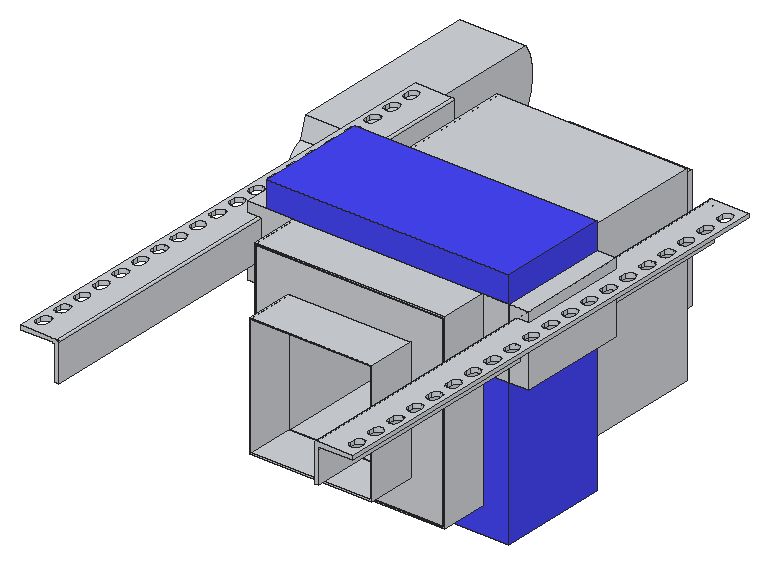
Revit family "D2530 BIM001 D - Rectangular Horizontal Blades Actuator Horizontal AFS", category Duct Accessories, Revit 2020
Family settings
  Round Connector Dimension = Use Diameter
  Part Type = Attaches To
  OmniClass Number = 23.75.00.00
  OmniClass Title = Climate Control (HVAC)
  Work Plane-Based = No
  Always vertical = Yes
  Cut with Voids When Loaded = No
  Shared = No
Parameters
  Y [instance] = if(Nominal D Height > 1000 mm, 0 mm, if(Nominal D Height < 175 mm, 196 mm, if(Nominal D Height < 200 mm, Nominal D Height + 21 mm, if(Nominal D Width < 200 mm, Nominal D Height + 21 mm, Nominal D Height - 4 mm))))  # 196 mm
  X [instance] = if(Nominal D Width > 1000 mm, 0 mm, if(Nominal D Width < 175 mm, 196 mm, if(Nominal D Width < 200 mm, Nominal D Width + 21 mm, if(Nominal D Height < 200 mm, Nominal D Width + 21 mm, Nominal D Width - 4 mm))))  # 196 mm
  Start [instance] = ((Nominal D Height - 6.4 mm) - (125 * (Blades - 1 mm))) / 2  # 61.8 mm
  Standard [instance] = yes
  Spigot Y [instance] = if(Nominal D Height < 100 mm, -150000 mm, Nominal D Height - 4 mm)  # 126 mm
  Spigot X [instance] = if(Nominal D Width < 100 mm, -150000 mm, Nominal D Width - 4 mm)  # 126 mm
  Spigot Reducer [instance] = or(Nominal D Width < 200 mm, Nominal D Height < 200 mm)  # yes
  Set Rod H [instance] = Drive + 48 mm  # 105 mm
  Set Rod [instance] = if(and(Left Hand, Nominal D Width < 200 mm), 318 mm, if(Left Hand, Nominal D Width + 118 mm, if(Right Hand, 47 mm, 130 mm)))  # 318 mm
  S Y R [instance] = Y - 4 mm  # 192 mm
  S X R [instance] = X - 4 mm  # 192 mm
  Right Hand [instance] = no
  Nominal D Width [instance] = 130 mm
  Nominal D Height [instance] = 130 mm
  Left Hand [instance] = not(Right Hand)  # yes
  Drv Blade [instance] = if(Blades > 7 mm, 5 mm, if(Blades > 6 mm, 4 mm, if(Blades > 5 mm, 3 mm, if(Blades > 4 mm, 2 mm, if(Blades > 3 mm, 3 mm, if(Blades > 2 mm, 2 mm, 1 mm))))))  # 1 mm
  Drive [instance] = if(Nominal D Height > 265 mm, (Start + (125 * (Drv Blade - 1 mm))) - 21.3 mm, 57 mm)  # 57 mm
  Dim2 [instance] = if(Nominal D Height > 265 mm, 75 mm, if(Nominal D Height > 256 mm, 150 mm, if(Nominal D Height > 231 mm, 125 mm, if(Nominal D Height > 206 mm, 100 mm, if(Nominal D Height > 199 mm, 75 mm, 50 mm)))))  # 50 mm
  Dim [instance] = if(Standard, Dim2, if([225 Access Door Case Option], Dim2, Dim2 - 25 mm))  # 50 mm
  Default Elevation = 0 mm
  Case Option [instance] = if(Standard, 150 mm, if([250 Case Option], 250 mm, if([225 Access Door Case Option], 225 mm, if([125 Case Option], 125 mm, -1500000 mm))))  # 150 mm
  Blades [instance] = if(Nominal D Height > 960 mm, 8 mm, if(Nominal D Height > 835 mm, 7 mm, if(Nominal D Height > 710 mm, 6 mm, if(Nominal D Height > 585 mm, 5 mm, if(Nominal D Height > 460 mm, 4 mm, if(Nominal D Height > 335 mm, 3 mm, if(Nominal D Height > 265 mm, 2 mm, 1 mm)))))))  # 1 mm
  Actuator [instance] = if(Right Hand, 0 mm, if(Left Hand, 148 mm, 40 mm))  # 148 mm
  AFS Rail Set [instance] = if(AFS Rail > 510 mm, -30000 mm, if(AFS Rail < 113 mm, -300000 mm, AFS Rail))  # 250 mm
  AFS Rail [instance] = 250 mm
  250 Case Option [instance] = no
  225 Access Door Case Option [instance] = no
  125 Case Option [instance] = no
Reference planes
  plane 1 "Center (Front/Back)": y = 0
  plane 2: z = 0
  plane 3 "Center (Left/Right)": x = 0
  plane 4: x = -98
  plane 5: x = 98
  plane 6: y = 58.689
  plane 7: y = 33.689
  plane 8: y = 8.689
  plane 9: y = -16.311
  plane 10: y = -41.311
  plane 11: y = -66.311
  plane 12: y = -91.311
  plane 13: y = -116.311
  plane 14: y = -141.311
  plane 15: y = -166.311
  plane 16: y = -191.311
  plane 17: y = -216.311
  plane 18: y = -241.311
  plane 19: y = -266.311
  plane 20: y = -291.311
  plane 21: y = -316.311
  plane 22: y = -341.311
  plane 23: y = -366.311
  plane 24: y = -391.311
  plane 25: y = -416.311
  plane 26: y = 58.689
  plane 27: y = 33.689
  plane 28: y = 8.689
  plane 29: y = -16.311
  plane 30: y = -41.311
  plane 31: y = -66.311
  plane 32: y = -91.311
  plane 33: y = -116.311
  plane 34: y = -141.311
  plane 35: y = -166.311
  plane 36: y = -191.311
  plane 37: y = -216.311
  plane 38: y = -241.311
  plane 39: y = -266.311
  plane 40: y = -291.311
  plane 41: y = -316.311
  plane 42: y = -341.311
  plane 43: y = -366.311
  plane 44: y = -391.311
  plane 45: y = -416.311
  plane 46: z = 96
  plane 47: z = -96
  plane 48: x = -96
  plane 49: x = 96
  plane 50: z = 63
  plane 51: z = -63
  plane 52: x = 63
  plane 53: x = -63
Forms (mm)
  Extrusion 1, solid
    sketch origin (0, 0, 0) x (1, 0, 0) y (0, 0, 1)
      loop
        line (-98, 98) -> (-98, -98) -> (98, -98) -> (98, 98) -> (-98, 98)
      loop
        line (-97, 97) -> (-97, -97) -> (97, -97) -> (97, 97) -> (-97, 97)
    from -91.689 to 221.311
  Extrusion 2, solid
    sketch origin (163.749, 0, 171.325) x (1, 0, 0) y (0, 0, 1)
      loop
        line (-308.749, -73.325) -> (-308.749, -146.325) -> (-261.749, -146.325) -> (-261.749, -73.325) -> (-308.749, -73.325)
    from 58.311 to 171.311
  Extrusion 3, solid
    sketch origin (1163.749, 0, 171.325) x (1, 0, 0) y (0, 0, 1)
      loop
        line (-1065.749, -73.325) -> (-1065.749, -146.325) -> (-1018.749, -146.325) -> (-1018.749, -73.325) -> (-1065.749, -73.325)
    from 58.311 to 171.311
  Extrusion 4, solid, material "Default"
    sketch origin (0, 0, 0) x (1, 0, 0) y (0, 0, 1)
      loop
        line (-98, 98) -> (-98, -98) -> (98, -98) -> (98, 98) -> (-98, 98)
      loop
        line (-125, 125) -> (-125, -125) -> (125, -125) -> (125, 125) -> (-125, 125)
    from 58.311 to 171.311
  Extrusion 5, solid
    sketch origin (0, 0, 0) x (0, 1, 0) y (0, 0, 1)
      loop
        circle (16.689, 7) r 10
    from -173 to -93
  Extrusion 6, solid
    sketch origin (29.063, 0, -5.781) x (1, 0, 0) y (0, 0, 1)
      loop
        line (-201.019, 93.823) -> (-201.019, 89.826) -> (-167.656, 89.826)
        arc (-167.656, 89.826) -> (-165.808, 89.06) -> (-165.043, 87.213) r 2.613
        line (-165.043, 87.213) -> (-165.043, 53.823) -> (-161.019, 53.823) -> (-161.019, 91.63)
        arc (-161.019, 91.63) -> (-161.607, 93.127) -> (-163.056, 93.823) r 2.199
        line (-163.056, 93.823) -> (-201.019, 93.823)
    from -78.689 to 431.311
  Extrusion 7, solid
    sketch origin (-29.063, 0, -5.781) x (-1, 0, 0) y (0, 0, -1)
      loop
        line (-201.019, -93.823) -> (-163.056, -93.823)
        arc (-163.056, -93.823) -> (-161.607, -93.127) -> (-161.019, -91.63) r 2.199
        line (-161.019, -91.63) -> (-161.019, -53.823) -> (-165.043, -53.823) -> (-165.043, -87.213)
        arc (-165.043, -87.213) -> (-165.808, -89.06) -> (-167.656, -89.826) r 2.613
        line (-167.656, -89.826) -> (-201.019, -89.826) -> (-201.019, -93.823)
    from -78.689 to 431.311
  Extrusion 8, void
    sketch origin (0, 0, 0) x (1, 0, 0) y (0, 1, 0)
      loop
        line (167.456, 58.689) -> (167.456, 63.689)
        arc (167.456, 63.689) -> (161.956, 69.189) -> (156.456, 63.689) r 5.5
        line (156.456, 63.689) -> (156.456, 58.689)
        arc (156.456, 58.689) -> (161.956, 53.189) -> (167.456, 58.689) r 5.5
    from 84.044 to 88.042
  Extrusion 9, void
    sketch origin (0, -25, 0) x (1, 0, 0) y (0, 1, 0)
      loop
        line (167.456, 58.689) -> (167.456, 63.689)
        arc (167.456, 63.689) -> (161.956, 69.189) -> (156.456, 63.689) r 5.5
        line (156.456, 63.689) -> (156.456, 58.689)
        arc (156.456, 58.689) -> (161.956, 53.189) -> (167.456, 58.689) r 5.5
    from 84.044 to 88.042
  Extrusion 10, void
    sketch origin (0, -50, 0) x (1, 0, 0) y (0, 1, 0)
      loop
        line (167.456, 58.689) -> (167.456, 63.689)
        arc (167.456, 63.689) -> (161.956, 69.189) -> (156.456, 63.689) r 5.5
        line (156.456, 63.689) -> (156.456, 58.689)
        arc (156.456, 58.689) -> (161.956, 53.189) -> (167.456, 58.689) r 5.5
    from 84.044 to 88.042
  Extrusion 11, void
    sketch origin (0, -75, 0) x (1, 0, 0) y (0, 1, 0)
      loop
        line (167.456, 58.689) -> (167.456, 63.689)
        arc (167.456, 63.689) -> (161.956, 69.189) -> (156.456, 63.689) r 5.5
        line (156.456, 63.689) -> (156.456, 58.689)
        arc (156.456, 58.689) -> (161.956, 53.189) -> (167.456, 58.689) r 5.5
    from 84.044 to 88.042
  Extrusion 12, void
    sketch origin (0, -100, 0) x (1, 0, 0) y (0, 1, 0)
      loop
        line (167.456, 58.689) -> (167.456, 63.689)
        arc (167.456, 63.689) -> (161.956, 69.189) -> (156.456, 63.689) r 5.5
        line (156.456, 63.689) -> (156.456, 58.689)
        arc (156.456, 58.689) -> (161.956, 53.189) -> (167.456, 58.689) r 5.5
    from 84.044 to 88.042
  Extrusion 13, void
    sketch origin (0, -125, 0) x (1, 0, 0) y (0, 1, 0)
      loop
        line (167.456, 58.689) -> (167.456, 63.689)
        arc (167.456, 63.689) -> (161.956, 69.189) -> (156.456, 63.689) r 5.5
        line (156.456, 63.689) -> (156.456, 58.689)
        arc (156.456, 58.689) -> (161.956, 53.189) -> (167.456, 58.689) r 5.5
    from 84.044 to 88.042
  Extrusion 14, void
    sketch origin (0, -150, 0) x (1, 0, 0) y (0, 1, 0)
      loop
        line (167.456, 58.689) -> (167.456, 63.689)
        arc (167.456, 63.689) -> (161.956, 69.189) -> (156.456, 63.689) r 5.5
        line (156.456, 63.689) -> (156.456, 58.689)
        arc (156.456, 58.689) -> (161.956, 53.189) -> (167.456, 58.689) r 5.5
    from 84.044 to 88.042
  Extrusion 15, void
    sketch origin (0, -175, 0) x (1, 0, 0) y (0, 1, 0)
      loop
        line (167.456, 58.689) -> (167.456, 63.689)
        arc (167.456, 63.689) -> (161.956, 69.189) -> (156.456, 63.689) r 5.5
        line (156.456, 63.689) -> (156.456, 58.689)
        arc (156.456, 58.689) -> (161.956, 53.189) -> (167.456, 58.689) r 5.5
    from 84.044 to 88.042
  Extrusion 16, void
    sketch origin (0, -200, 0) x (1, 0, 0) y (0, 1, 0)
      loop
        line (167.456, 58.689) -> (167.456, 63.689)
        arc (167.456, 63.689) -> (161.956, 69.189) -> (156.456, 63.689) r 5.5
        line (156.456, 63.689) -> (156.456, 58.689)
        arc (156.456, 58.689) -> (161.956, 53.189) -> (167.456, 58.689) r 5.5
    from 84.044 to 88.042
  Extrusion 17, void
    sketch origin (0, -225, 0) x (1, 0, 0) y (0, 1, 0)
      loop
        line (167.456, 58.689) -> (167.456, 63.689)
        arc (167.456, 63.689) -> (161.956, 69.189) -> (156.456, 63.689) r 5.5
        line (156.456, 63.689) -> (156.456, 58.689)
        arc (156.456, 58.689) -> (161.956, 53.189) -> (167.456, 58.689) r 5.5
    from 84.044 to 88.042
  Extrusion 18, void
    sketch origin (0, -250, 0) x (1, 0, 0) y (0, 1, 0)
      loop
        line (167.456, 58.689) -> (167.456, 63.689)
        arc (167.456, 63.689) -> (161.956, 69.189) -> (156.456, 63.689) r 5.5
        line (156.456, 63.689) -> (156.456, 58.689)
        arc (156.456, 58.689) -> (161.956, 53.189) -> (167.456, 58.689) r 5.5
    from 84.044 to 88.042
  Extrusion 19, void
    sketch origin (0, -275, 0) x (1, 0, 0) y (0, 1, 0)
      loop
        line (167.456, 58.689) -> (167.456, 63.689)
        arc (167.456, 63.689) -> (161.956, 69.189) -> (156.456, 63.689) r 5.5
        line (156.456, 63.689) -> (156.456, 58.689)
        arc (156.456, 58.689) -> (161.956, 53.189) -> (167.456, 58.689) r 5.5
    from 84.044 to 88.042
  Extrusion 20, void
    sketch origin (0, -300, 0) x (1, 0, 0) y (0, 1, 0)
      loop
        line (167.456, 58.689) -> (167.456, 63.689)
        arc (167.456, 63.689) -> (161.956, 69.189) -> (156.456, 63.689) r 5.5
        line (156.456, 63.689) -> (156.456, 58.689)
        arc (156.456, 58.689) -> (161.956, 53.189) -> (167.456, 58.689) r 5.5
    from 84.044 to 88.042
  Extrusion 21, void
    sketch origin (0, -325, 0) x (1, 0, 0) y (0, 1, 0)
      loop
        line (167.456, 58.689) -> (167.456, 63.689)
        arc (167.456, 63.689) -> (161.956, 69.189) -> (156.456, 63.689) r 5.5
        line (156.456, 63.689) -> (156.456, 58.689)
        arc (156.456, 58.689) -> (161.956, 53.189) -> (167.456, 58.689) r 5.5
    from 84.044 to 88.042
  Extrusion 22, void
    sketch origin (0, -350, 0) x (1, 0, 0) y (0, 1, 0)
      loop
        line (167.456, 58.689) -> (167.456, 63.689)
        arc (167.456, 63.689) -> (161.956, 69.189) -> (156.456, 63.689) r 5.5
        line (156.456, 63.689) -> (156.456, 58.689)
        arc (156.456, 58.689) -> (161.956, 53.189) -> (167.456, 58.689) r 5.5
    from 84.044 to 88.042
  Extrusion 23, void
    sketch origin (0, -375, 0) x (1, 0, 0) y (0, 1, 0)
      loop
        line (167.456, 58.689) -> (167.456, 63.689)
        arc (167.456, 63.689) -> (161.956, 69.189) -> (156.456, 63.689) r 5.5
        line (156.456, 63.689) -> (156.456, 58.689)
        arc (156.456, 58.689) -> (161.956, 53.189) -> (167.456, 58.689) r 5.5
    from 84.044 to 88.042
  Extrusion 24, void
    sketch origin (0, -400, 0) x (1, 0, 0) y (0, 1, 0)
      loop
        line (167.456, 58.689) -> (167.456, 63.689)
        arc (167.456, 63.689) -> (161.956, 69.189) -> (156.456, 63.689) r 5.5
        line (156.456, 63.689) -> (156.456, 58.689)
        arc (156.456, 58.689) -> (161.956, 53.189) -> (167.456, 58.689) r 5.5
    from 84.044 to 88.042
  Extrusion 25, void
    sketch origin (0, -425, 0) x (1, 0, 0) y (0, 1, 0)
      loop
        line (167.456, 58.689) -> (167.456, 63.689)
        arc (167.456, 63.689) -> (161.956, 69.189) -> (156.456, 63.689) r 5.5
        line (156.456, 63.689) -> (156.456, 58.689)
        arc (156.456, 58.689) -> (161.956, 53.189) -> (167.456, 58.689) r 5.5
    from 84.044 to 88.042
  Extrusion 26, void
    sketch origin (0, -450, 0) x (1, 0, 0) y (0, 1, 0)
      loop
        line (167.456, 58.689) -> (167.456, 63.689)
        arc (167.456, 63.689) -> (161.956, 69.189) -> (156.456, 63.689) r 5.5
        line (156.456, 63.689) -> (156.456, 58.689)
        arc (156.456, 58.689) -> (161.956, 53.189) -> (167.456, 58.689) r 5.5
    from 84.044 to 88.042
  Extrusion 27, void
    sketch origin (0, -475, 0) x (1, 0, 0) y (0, 1, 0)
      loop
        line (167.456, 58.689) -> (167.456, 63.689)
        arc (167.456, 63.689) -> (161.956, 69.189) -> (156.456, 63.689) r 5.5
        line (156.456, 63.689) -> (156.456, 58.689)
        arc (156.456, 58.689) -> (161.956, 53.189) -> (167.456, 58.689) r 5.5
    from 84.044 to 88.042
  Extrusion 28, void
    sketch origin (0, 0, 0) x (1, 0, 0) y (0, 1, 0)
      loop
        arc (-167.503, 58.689) -> (-161.956, 53.142) -> (-156.409, 58.689) r 5.547
        line (-156.409, 58.689) -> (-156.409, 63.689)
        arc (-156.409, 63.689) -> (-161.956, 69.236) -> (-167.503, 63.689) r 5.547
        line (-167.503, 63.689) -> (-167.503, 58.689)
    from 84.044 to 88.042
  Extrusion 29, void
    sketch origin (0, -25, 0) x (1, 0, 0) y (0, 1, 0)
      loop
        arc (-167.503, 58.689) -> (-161.956, 53.142) -> (-156.409, 58.689) r 5.547
        line (-156.409, 58.689) -> (-156.409, 63.689)
        arc (-156.409, 63.689) -> (-161.956, 69.236) -> (-167.503, 63.689) r 5.547
        line (-167.503, 63.689) -> (-167.503, 58.689)
    from 84.044 to 88.042
  Extrusion 30, void
    sketch origin (0, -50, 0) x (1, 0, 0) y (0, 1, 0)
      loop
        arc (-167.503, 58.689) -> (-161.956, 53.142) -> (-156.409, 58.689) r 5.547
        line (-156.409, 58.689) -> (-156.409, 63.689)
        arc (-156.409, 63.689) -> (-161.956, 69.236) -> (-167.503, 63.689) r 5.547
        line (-167.503, 63.689) -> (-167.503, 58.689)
    from 84.044 to 88.042
  Extrusion 31, void
    sketch origin (0, -75, 0) x (1, 0, 0) y (0, 1, 0)
      loop
        arc (-167.503, 58.689) -> (-161.956, 53.142) -> (-156.409, 58.689) r 5.547
        line (-156.409, 58.689) -> (-156.409, 63.689)
        arc (-156.409, 63.689) -> (-161.956, 69.236) -> (-167.503, 63.689) r 5.547
        line (-167.503, 63.689) -> (-167.503, 58.689)
    from 84.044 to 88.042
  Extrusion 32, void
    sketch origin (0, -100, 0) x (1, 0, 0) y (0, 1, 0)
      loop
        arc (-167.503, 58.689) -> (-161.956, 53.142) -> (-156.409, 58.689) r 5.547
        line (-156.409, 58.689) -> (-156.409, 63.689)
        arc (-156.409, 63.689) -> (-161.956, 69.236) -> (-167.503, 63.689) r 5.547
        line (-167.503, 63.689) -> (-167.503, 58.689)
    from 84.044 to 88.042
  Extrusion 33, void
    sketch origin (0, -125, 0) x (1, 0, 0) y (0, 1, 0)
      loop
        arc (-167.503, 58.689) -> (-161.956, 53.142) -> (-156.409, 58.689) r 5.547
        line (-156.409, 58.689) -> (-156.409, 63.689)
        arc (-156.409, 63.689) -> (-161.956, 69.236) -> (-167.503, 63.689) r 5.547
        line (-167.503, 63.689) -> (-167.503, 58.689)
    from 84.044 to 88.042
  Extrusion 34, void
    sketch origin (0, -150, 0) x (1, 0, 0) y (0, 1, 0)
      loop
        arc (-167.503, 58.689) -> (-161.956, 53.142) -> (-156.409, 58.689) r 5.547
        line (-156.409, 58.689) -> (-156.409, 63.689)
        arc (-156.409, 63.689) -> (-161.956, 69.236) -> (-167.503, 63.689) r 5.547
        line (-167.503, 63.689) -> (-167.503, 58.689)
    from 84.044 to 88.042
  Extrusion 35, void
    sketch origin (0, -175, 0) x (1, 0, 0) y (0, 1, 0)
      loop
        arc (-167.503, 58.689) -> (-161.956, 53.142) -> (-156.409, 58.689) r 5.547
        line (-156.409, 58.689) -> (-156.409, 63.689)
        arc (-156.409, 63.689) -> (-161.956, 69.236) -> (-167.503, 63.689) r 5.547
        line (-167.503, 63.689) -> (-167.503, 58.689)
    from 84.044 to 88.042
  Extrusion 36, void
    sketch origin (0, -200, 0) x (1, 0, 0) y (0, 1, 0)
      loop
        arc (-167.503, 58.689) -> (-161.956, 53.142) -> (-156.409, 58.689) r 5.547
        line (-156.409, 58.689) -> (-156.409, 63.689)
        arc (-156.409, 63.689) -> (-161.956, 69.236) -> (-167.503, 63.689) r 5.547
        line (-167.503, 63.689) -> (-167.503, 58.689)
    from 84.044 to 88.042
  Extrusion 37, void
    sketch origin (0, -225, 0) x (1, 0, 0) y (0, 1, 0)
      loop
        arc (-167.503, 58.689) -> (-161.956, 53.142) -> (-156.409, 58.689) r 5.547
        line (-156.409, 58.689) -> (-156.409, 63.689)
        arc (-156.409, 63.689) -> (-161.956, 69.236) -> (-167.503, 63.689) r 5.547
        line (-167.503, 63.689) -> (-167.503, 58.689)
    from 84.044 to 88.042
  Extrusion 38, void
    sketch origin (0, -250, 0) x (1, 0, 0) y (0, 1, 0)
      loop
        arc (-167.503, 58.689) -> (-161.956, 53.142) -> (-156.409, 58.689) r 5.547
        line (-156.409, 58.689) -> (-156.409, 63.689)
        arc (-156.409, 63.689) -> (-161.956, 69.236) -> (-167.503, 63.689) r 5.547
        line (-167.503, 63.689) -> (-167.503, 58.689)
    from 84.044 to 88.042
  Extrusion 39, void
    sketch origin (0, -275, 0) x (1, 0, 0) y (0, 1, 0)
      loop
        arc (-167.503, 58.689) -> (-161.956, 53.142) -> (-156.409, 58.689) r 5.547
        line (-156.409, 58.689) -> (-156.409, 63.689)
        arc (-156.409, 63.689) -> (-161.956, 69.236) -> (-167.503, 63.689) r 5.547
        line (-167.503, 63.689) -> (-167.503, 58.689)
    from 84.044 to 88.042
  Extrusion 40, void
    sketch origin (0, -300, 0) x (1, 0, 0) y (0, 1, 0)
      loop
        arc (-167.503, 58.689) -> (-161.956, 53.142) -> (-156.409, 58.689) r 5.547
        line (-156.409, 58.689) -> (-156.409, 63.689)
        arc (-156.409, 63.689) -> (-161.956, 69.236) -> (-167.503, 63.689) r 5.547
        line (-167.503, 63.689) -> (-167.503, 58.689)
    from 84.044 to 88.042
  Extrusion 41, void
    sketch origin (0, -325, 0) x (1, 0, 0) y (0, 1, 0)
      loop
        arc (-167.503, 58.689) -> (-161.956, 53.142) -> (-156.409, 58.689) r 5.547
        line (-156.409, 58.689) -> (-156.409, 63.689)
        arc (-156.409, 63.689) -> (-161.956, 69.236) -> (-167.503, 63.689) r 5.547
        line (-167.503, 63.689) -> (-167.503, 58.689)
    from 84.044 to 88.042
  Extrusion 42, void
    sketch origin (0, -350, 0) x (1, 0, 0) y (0, 1, 0)
      loop
        arc (-167.503, 58.689) -> (-161.956, 53.142) -> (-156.409, 58.689) r 5.547
        line (-156.409, 58.689) -> (-156.409, 63.689)
        arc (-156.409, 63.689) -> (-161.956, 69.236) -> (-167.503, 63.689) r 5.547
        line (-167.503, 63.689) -> (-167.503, 58.689)
    from 84.044 to 88.042
  Extrusion 43, void
    sketch origin (0, -375, 0) x (1, 0, 0) y (0, 1, 0)
      loop
        arc (-167.503, 58.689) -> (-161.956, 53.142) -> (-156.409, 58.689) r 5.547
        line (-156.409, 58.689) -> (-156.409, 63.689)
        arc (-156.409, 63.689) -> (-161.956, 69.236) -> (-167.503, 63.689) r 5.547
        line (-167.503, 63.689) -> (-167.503, 58.689)
    from 84.044 to 88.042
  Extrusion 44, void
    sketch origin (0, -400, 0) x (1, 0, 0) y (0, 1, 0)
      loop
        arc (-167.503, 58.689) -> (-161.956, 53.142) -> (-156.409, 58.689) r 5.547
        line (-156.409, 58.689) -> (-156.409, 63.689)
        arc (-156.409, 63.689) -> (-161.956, 69.236) -> (-167.503, 63.689) r 5.547
        line (-167.503, 63.689) -> (-167.503, 58.689)
    from 84.044 to 88.042
  Extrusion 45, void
    sketch origin (0, -425, 0) x (1, 0, 0) y (0, 1, 0)
      loop
        arc (-167.503, 58.689) -> (-161.956, 53.142) -> (-156.409, 58.689) r 5.547
        line (-156.409, 58.689) -> (-156.409, 63.689)
        arc (-156.409, 63.689) -> (-161.956, 69.236) -> (-167.503, 63.689) r 5.547
        line (-167.503, 63.689) -> (-167.503, 58.689)
    from 84.044 to 88.042
  Extrusion 46, void
    sketch origin (0, -450, 0) x (1, 0, 0) y (0, 1, 0)
      loop
        arc (-167.503, 58.689) -> (-161.956, 53.142) -> (-156.409, 58.689) r 5.547
        line (-156.409, 58.689) -> (-156.409, 63.689)
        arc (-156.409, 63.689) -> (-161.956, 69.236) -> (-167.503, 63.689) r 5.547
        line (-167.503, 63.689) -> (-167.503, 58.689)
    from 84.044 to 88.042
  Extrusion 47, void
    sketch origin (0, -475, 0) x (1, 0, 0) y (0, 1, 0)
      loop
        arc (-167.503, 58.689) -> (-161.956, 53.142) -> (-156.409, 58.689) r 5.547
        line (-156.409, 58.689) -> (-156.409, 63.689)
        arc (-156.409, 63.689) -> (-161.956, 69.236) -> (-167.503, 63.689) r 5.547
        line (-167.503, 63.689) -> (-167.503, 58.689)
    from 84.044 to 88.042
  Extrusion 48, solid, visible <- "Spigot Reducer"
    sketch origin (0, 0, 0) x (1, 0, 0) y (0, 0, 1)
      loop
        line (-96, 96) -> (-96, -96) -> (96, -96) -> (96, 96) -> (-96, 96)
    from -91.689 to 221.311
  Extrusion 49, solid
    sketch origin (0, 0, 0) x (1, 0, 0) y (0, 0, 1)
      loop
        line (-63, 63) -> (-63, -63) -> (63, -63) -> (63, 63) -> (-63, 63)
    from -141.689 to 271.311
  Extrusion 50, void
    sketch origin (0, 0, 0) x (1, 0, 0) y (0, 0, 1)
      loop
        line (-62, 62) -> (-62, -62) -> (62, -62) -> (62, 62) -> (-62, 62)
    from -141.689 to 271.311
Cuts and joins
  Extrusion 8, Extrusion 9, Extrusion 10, Extrusion 11, Extrusion 12, Extrusion 13, Extrusion 14, Extrusion 15, Extrusion 16, Extrusion 17, Extrusion 18, Extrusion 19, Extrusion 20, Extrusion 21, Extrusion 22, Extrusion 23, Extrusion 24, Extrusion 25, Extrusion 26, Extrusion 27 cuts Extrusion 7
  Extrusion 28, Extrusion 29, Extrusion 30 cuts Extrusion 5
  Extrusion 28, Extrusion 29, Extrusion 30, Extrusion 31, Extrusion 32, Extrusion 33, Extrusion 34, Extrusion 35, Extrusion 36, Extrusion 37, Extrusion 38, Extrusion 39, Extrusion 40, Extrusion 41, Extrusion 42, Extrusion 43, Extrusion 44, Extrusion 45, Extrusion 46, Extrusion 47 cuts Extrusion 6
  Extrusion 50 cuts Extrusion 48
  Extrusion 50 cuts Extrusion 49
Dimensions and locks
  locked: Extrusion 1 sketch curve to Extrusion 1 sketch curve at 1  (x4)
  equal spacing: plane 4, plane 3 "Center (Left/Right)", plane 5
  "X": plane 4 to plane 5
  equal spacing: Extrusion 1, level, Extrusion 1
  "Y": Extrusion 1 to Extrusion 1
  locked: Extrusion 2 sketch curve to Extrusion 2 sketch curve at 47
  locked: Extrusion 2 sketch curve to Extrusion 2 sketch curve at 73
  locked: Extrusion 3 sketch curve to Extrusion 3 sketch curve at 47
  locked: Extrusion 3 sketch curve to Extrusion 3 sketch curve at 73
  locked: Extrusion 4 to Extrusion 4 at 27  (x4)
  locked: Extrusion 4 to Extrusion 4 at 113
  "Case Option": Extrusion 4 to Extrusion 1
  "Dim": Extrusion 1 to Extrusion 4
  locked: Extrusion 1 to Extrusion 5 sketch curve at 75
  "Set Rod H": Extrusion 1 to Extrusion 5 sketch curve
  locked: Extrusion 5 to Extrusion 5 at 80
  "Set Rod": Extrusion 5 to Extrusion 3
  "Actuator": nested 1 to Extrusion 5
  locked: Extrusion 6 sketch curve to Extrusion 6 sketch curve at 40  (x2)
  locked: Extrusion 6 sketch curve to Extrusion 6 sketch curve at 3.997
  locked: Extrusion 6 sketch curve to Extrusion 6 sketch curve at 4.024
  locked: Extrusion 6 to plane 4 at 33.956
  locked: Extrusion 2 to Extrusion 6 at 9.958
  locked: Extrusion 7 sketch curve to Extrusion 7 sketch curve at 40  (x2)
  locked: Extrusion 7 sketch curve to Extrusion 7 sketch curve at 3.997
  locked: Extrusion 7 sketch curve to Extrusion 7 sketch curve at 4.024
  locked: Extrusion 3 to Extrusion 7 at 9.958
  locked: plane 5 to Extrusion 7 at 33.956
  locked: Extrusion 7 to Extrusion 7 at 510
  locked: Extrusion 6 to Extrusion 6 at 510
  "AFS Rail Set": Extrusion 7 to Extrusion 4
  "AFS Rail Set": Extrusion 4 to Extrusion 6
  locked: Extrusion 8 sketch curve to Extrusion 8 sketch curve at 5
  locked: Extrusion 7 to Extrusion 8 sketch curve at 15
  locked: Extrusion 8 sketch curve to Extrusion 8 sketch curve at 11
  locked: Extrusion 8 sketch curve to Extrusion 7 at 10
  locked: Extrusion 9 sketch curve to Extrusion 9 sketch curve at 5
  locked: Extrusion 9 sketch curve to Extrusion 9 sketch curve at 11
  locked: Extrusion 10 sketch curve to Extrusion 10 sketch curve at 5
  locked: Extrusion 10 sketch curve to Extrusion 10 sketch curve at 11
  locked: Extrusion 11 sketch curve to Extrusion 11 sketch curve at 5
  locked: Extrusion 11 sketch curve to Extrusion 11 sketch curve at 11
  locked: Extrusion 12 sketch curve to Extrusion 12 sketch curve at 5
  locked: Extrusion 12 sketch curve to Extrusion 12 sketch curve at 11
  locked: Extrusion 13 sketch curve to Extrusion 13 sketch curve at 5
  locked: Extrusion 13 sketch curve to Extrusion 13 sketch curve at 11
  locked: Extrusion 14 sketch curve to Extrusion 14 sketch curve at 5
  locked: Extrusion 14 sketch curve to Extrusion 14 sketch curve at 11
  locked: Extrusion 15 sketch curve to Extrusion 15 sketch curve at 5
  locked: Extrusion 15 sketch curve to Extrusion 15 sketch curve at 11
  locked: Extrusion 16 sketch curve to Extrusion 16 sketch curve at 5
  locked: Extrusion 16 sketch curve to Extrusion 16 sketch curve at 11
  locked: Extrusion 17 sketch curve to Extrusion 17 sketch curve at 5
  locked: Extrusion 17 sketch curve to Extrusion 17 sketch curve at 11
  locked: Extrusion 18 sketch curve to Extrusion 18 sketch curve at 5
  locked: Extrusion 18 sketch curve to Extrusion 18 sketch curve at 11
  locked: Extrusion 19 sketch curve to Extrusion 19 sketch curve at 5
  locked: Extrusion 19 sketch curve to Extrusion 19 sketch curve at 11
  locked: Extrusion 20 sketch curve to Extrusion 20 sketch curve at 5
  locked: Extrusion 20 sketch curve to Extrusion 20 sketch curve at 11
  locked: Extrusion 21 sketch curve to Extrusion 21 sketch curve at 5
  locked: Extrusion 21 sketch curve to Extrusion 21 sketch curve at 11
  locked: Extrusion 22 sketch curve to Extrusion 22 sketch curve at 5
  locked: Extrusion 22 sketch curve to Extrusion 22 sketch curve at 11
  locked: Extrusion 23 sketch curve to Extrusion 23 sketch curve at 5
  locked: Extrusion 23 sketch curve to Extrusion 23 sketch curve at 11
  locked: Extrusion 24 sketch curve to Extrusion 24 sketch curve at 5
  locked: Extrusion 24 sketch curve to Extrusion 24 sketch curve at 11
  locked: Extrusion 25 sketch curve to Extrusion 25 sketch curve at 5
  locked: Extrusion 25 sketch curve to Extrusion 25 sketch curve at 11
  locked: Extrusion 26 sketch curve to Extrusion 26 sketch curve at 5
  locked: Extrusion 26 sketch curve to Extrusion 26 sketch curve at 11
  locked: Extrusion 27 sketch curve to Extrusion 27 sketch curve at 5
  locked: Extrusion 27 sketch curve to Extrusion 27 sketch curve at 11
  locked: Extrusion 9 sketch curve to cut or joined group 1 (Extrusion 7, Extrusion 8, Extrusion 9, Extrusion 10, Extrusion 11, Extrusion 12, Extrusion 13, Extrusion 14, Extrusion 15, Extrusion 16, Extrusion 17, Extrusion 18, Extrusion 19, Extrusion 20, Extrusion 21, Extrusion 22, Extrusion 23, Extrusion 24, Extrusion 25, Extrusion 26, Extrusion 27) at 10
  locked: Extrusion 10 sketch curve to cut or joined group 1 at 10
  locked: Extrusion 11 sketch curve to cut or joined group 1 at 10
  locked: Extrusion 12 sketch curve to cut or joined group 1 at 10
  locked: Extrusion 13 sketch curve to cut or joined group 1 at 10
  locked: Extrusion 14 sketch curve to cut or joined group 1 at 10
  locked: Extrusion 15 sketch curve to cut or joined group 1 at 10
  locked: Extrusion 16 sketch curve to cut or joined group 1 at 10
  locked: Extrusion 17 sketch curve to cut or joined group 1 at 10
  locked: Extrusion 18 sketch curve to cut or joined group 1 at 10
  locked: Extrusion 19 sketch curve to cut or joined group 1 at 10
  locked: Extrusion 20 sketch curve to cut or joined group 1 at 10
  locked: Extrusion 21 sketch curve to cut or joined group 1 at 10
  locked: Extrusion 22 sketch curve to cut or joined group 1 at 10
  locked: Extrusion 23 sketch curve to cut or joined group 1 at 10
  locked: Extrusion 24 sketch curve to cut or joined group 1 at 10
  locked: Extrusion 25 sketch curve to cut or joined group 1 at 10
  locked: Extrusion 26 sketch curve to cut or joined group 1 at 10
  locked: Extrusion 27 sketch curve to cut or joined group 1 at 10
  locked: cut or joined group 1 to plane 6 at 20
  plane 6 to plane 7 = 25 mm
  plane 7 to plane 8 = 25 mm
  plane 8 to plane 9 = 25 mm
  plane 9 to plane 10 = 25 mm
  plane 10 to plane 11 = 25 mm
  plane 11 to plane 12 = 25 mm
  plane 12 to plane 13 = 25 mm
  plane 13 to plane 14 = 25 mm
  plane 14 to plane 15 = 25 mm
  plane 15 to plane 16 = 25 mm
  plane 16 to plane 17 = 25 mm
  plane 17 to plane 18 = 25 mm
  plane 18 to plane 19 = 25 mm
  plane 19 to plane 20 = 25 mm
  plane 20 to plane 21 = 25 mm
  plane 21 to plane 22 = 25 mm
  plane 22 to plane 23 = 25 mm
  plane 23 to plane 24 = 25 mm
  plane 24 to plane 25 = 25 mm
  locked: plane 25 to cut or joined group 1 at 15
  locked: Extrusion 28 sketch curve to Extrusion 28 sketch curve at 11.094
  locked: Extrusion 6 to Extrusion 28 sketch curve at 10
  Extrusion 28 sketch curve to Extrusion 28 sketch curve = 5 mm
  locked: Extrusion 6 to Extrusion 28 sketch curve at 15
  locked: Extrusion 29 sketch curve to Extrusion 29 sketch curve at 11.094
  Extrusion 29 sketch curve to Extrusion 29 sketch curve = 5 mm
  locked: Extrusion 30 sketch curve to Extrusion 30 sketch curve at 11.094
  Extrusion 30 sketch curve to Extrusion 30 sketch curve = 5 mm
  locked: Extrusion 31 sketch curve to Extrusion 31 sketch curve at 11.094
  Extrusion 31 sketch curve to Extrusion 31 sketch curve = 5 mm
  locked: Extrusion 32 sketch curve to Extrusion 32 sketch curve at 11.094
  Extrusion 32 sketch curve to Extrusion 32 sketch curve = 5 mm
  locked: Extrusion 33 sketch curve to Extrusion 33 sketch curve at 11.094
  Extrusion 33 sketch curve to Extrusion 33 sketch curve = 5 mm
  locked: Extrusion 34 sketch curve to Extrusion 34 sketch curve at 11.094
  Extrusion 34 sketch curve to Extrusion 34 sketch curve = 5 mm
  locked: Extrusion 35 sketch curve to Extrusion 35 sketch curve at 11.094
  Extrusion 35 sketch curve to Extrusion 35 sketch curve = 5 mm
  locked: Extrusion 36 sketch curve to Extrusion 36 sketch curve at 11.094
  Extrusion 36 sketch curve to Extrusion 36 sketch curve = 5 mm
  locked: Extrusion 37 sketch curve to Extrusion 37 sketch curve at 11.094
  Extrusion 37 sketch curve to Extrusion 37 sketch curve = 5 mm
  locked: Extrusion 38 sketch curve to Extrusion 38 sketch curve at 11.094
  Extrusion 38 sketch curve to Extrusion 38 sketch curve = 5 mm
  locked: Extrusion 39 sketch curve to Extrusion 39 sketch curve at 11.094
  Extrusion 39 sketch curve to Extrusion 39 sketch curve = 5 mm
  locked: Extrusion 40 sketch curve to Extrusion 40 sketch curve at 11.094
  Extrusion 40 sketch curve to Extrusion 40 sketch curve = 5 mm
  locked: Extrusion 41 sketch curve to Extrusion 41 sketch curve at 11.094
  Extrusion 41 sketch curve to Extrusion 41 sketch curve = 5 mm
  locked: Extrusion 42 sketch curve to Extrusion 42 sketch curve at 11.094
  Extrusion 42 sketch curve to Extrusion 42 sketch curve = 5 mm
  locked: Extrusion 43 sketch curve to Extrusion 43 sketch curve at 11.094
  Extrusion 43 sketch curve to Extrusion 43 sketch curve = 5 mm
  locked: Extrusion 44 sketch curve to Extrusion 44 sketch curve at 11.094
  Extrusion 44 sketch curve to Extrusion 44 sketch curve = 5 mm
  locked: Extrusion 45 sketch curve to Extrusion 45 sketch curve at 11.094
  Extrusion 45 sketch curve to Extrusion 45 sketch curve = 5 mm
  locked: Extrusion 46 sketch curve to Extrusion 46 sketch curve at 11.094
  Extrusion 46 sketch curve to Extrusion 46 sketch curve = 5 mm
  locked: Extrusion 47 sketch curve to Extrusion 47 sketch curve at 11.094
  Extrusion 47 sketch curve to Extrusion 47 sketch curve = 5 mm
  locked: cut or joined group 2 (Extrusion 6, Extrusion 28, Extrusion 29, Extrusion 30, Extrusion 31, Extrusion 32, Extrusion 33, Extrusion 34, Extrusion 35, Extrusion 36, Extrusion 37, Extrusion 38, Extrusion 39, Extrusion 40, Extrusion 41, Extrusion 42, Extrusion 43, Extrusion 44, Extrusion 45, Extrusion 46, Extrusion 47) to Extrusion 29 sketch curve at 10
  locked: cut or joined group 2 to Extrusion 30 sketch curve at 10
  locked: cut or joined group 2 to Extrusion 31 sketch curve at 10
  locked: cut or joined group 2 to Extrusion 32 sketch curve at 10
  locked: cut or joined group 2 to Extrusion 33 sketch curve at 10
  locked: cut or joined group 2 to Extrusion 34 sketch curve at 10
  locked: cut or joined group 2 to Extrusion 35 sketch curve at 10
  locked: cut or joined group 2 to Extrusion 36 sketch curve at 10
  locked: cut or joined group 2 to Extrusion 37 sketch curve at 10
  locked: cut or joined group 2 to Extrusion 38 sketch curve at 10
  locked: cut or joined group 2 to Extrusion 39 sketch curve at 10
  locked: cut or joined group 2 to Extrusion 40 sketch curve at 10
  locked: cut or joined group 2 to Extrusion 41 sketch curve at 10
  locked: cut or joined group 2 to Extrusion 42 sketch curve at 10
  locked: cut or joined group 2 to Extrusion 43 sketch curve at 10
  locked: cut or joined group 2 to Extrusion 44 sketch curve at 10
  locked: cut or joined group 2 to Extrusion 45 sketch curve at 10
  locked: cut or joined group 2 to Extrusion 46 sketch curve at 10
  locked: cut or joined group 2 to Extrusion 47 sketch curve at 10
  locked: cut or joined group 2 to plane 26 at 20
  plane 27 to plane 26 = 25 mm
  plane 28 to plane 27 = 25 mm
  plane 29 to plane 28 = 25 mm
  plane 30 to plane 29 = 25 mm
  plane 31 to plane 30 = 25 mm
  plane 32 to plane 31 = 25 mm
  plane 33 to plane 32 = 25 mm
  plane 34 to plane 33 = 25 mm
  plane 35 to plane 34 = 25 mm
  plane 36 to plane 35 = 25 mm
  plane 37 to plane 36 = 25 mm
  plane 38 to plane 37 = 25 mm
  plane 39 to plane 38 = 25 mm
  plane 40 to plane 39 = 25 mm
  plane 41 to plane 40 = 25 mm
  plane 42 to plane 41 = 25 mm
  plane 43 to plane 42 = 25 mm
  plane 44 to plane 43 = 25 mm
  plane 45 to plane 44 = 25 mm
  locked: cut or joined group 2 to plane 45 at 15
  nested 1 to Extrusion 1 = 143 mm
  "Drive": Extrusion 1 to nested 1
  locked: nested 1 to Extrusion 1 at 115
  equal spacing: plane 49, plane 3 "Center (Left/Right)", plane 48
  "S X R": plane 49 to plane 48
  equal spacing: plane 46, level, plane 47
  "S Y R": plane 46 to plane 47
  locked: cut or joined group of Extrusion 49, Extrusion 50 to Extrusion 1 at 50
  locked: Extrusion 1 to cut or joined group of Extrusion 49, Extrusion 50 at 50
  equal spacing: plane 50, level, plane 51
  "Spigot Y": plane 50 to plane 51
  equal spacing: plane 52, plane 3 "Center (Left/Right)", plane 53
  "Spigot X": plane 52 to plane 53
  locked: cut or joined group of Extrusion 49, Extrusion 50 to Extrusion 50 sketch curve at 1
  locked: Extrusion 50 sketch curve to cut or joined group of Extrusion 49, Extrusion 50 at 1  (x3)
  radius of Extrusion 5 sketch curve = 10 mm
  aligned and locked: level to plane 2
  aligned and locked: plane 4 to Extrusion 1
  aligned and locked: plane 5 to Extrusion 1
  aligned and locked: Extrusion 2 to plane 4
  aligned and locked: Extrusion 1 to Extrusion 2
  aligned and locked: plane 5 to Extrusion 3
  aligned and locked: Extrusion 3 to Extrusion 1
  aligned and locked: Extrusion 4 sketch curve to Extrusion 1  (x3)
  aligned and locked: Extrusion 4 sketch curve to Extrusion 2
  aligned and locked: Extrusion 4 to Extrusion 3  (x2)
  aligned and locked: Extrusion 2 to Extrusion 3
  aligned and locked: Extrusion 3 to Extrusion 2
  aligned and locked: Extrusion 7 to Extrusion 6
  aligned and locked: Extrusion 6 to Extrusion 7
  aligned and locked: plane 6 to cut or joined group 1
  aligned and locked: plane 7 to cut or joined group 1
  aligned and locked: plane 8 to cut or joined group 1
  aligned and locked: plane 9 to cut or joined group 1
  aligned and locked: plane 10 to cut or joined group 1
  aligned and locked: plane 11 to cut or joined group 1
  aligned and locked: plane 12 to cut or joined group 1
  aligned and locked: plane 13 to cut or joined group 1
  aligned and locked: plane 14 to cut or joined group 1
  aligned and locked: plane 15 to cut or joined group 1
  aligned and locked: plane 16 to cut or joined group 1
  aligned and locked: plane 17 to cut or joined group 1
  aligned and locked: plane 18 to cut or joined group 1
  aligned and locked: plane 19 to cut or joined group 1
  aligned and locked: plane 20 to cut or joined group 1
  aligned and locked: plane 21 to cut or joined group 1
  aligned and locked: plane 22 to cut or joined group 1
  aligned and locked: plane 23 to cut or joined group 1
  aligned and locked: plane 24 to cut or joined group 1
  aligned and locked: plane 25 to cut or joined group 1
  aligned and locked: plane 26 to cut or joined group 2
  aligned and locked: plane 27 to cut or joined group 2
